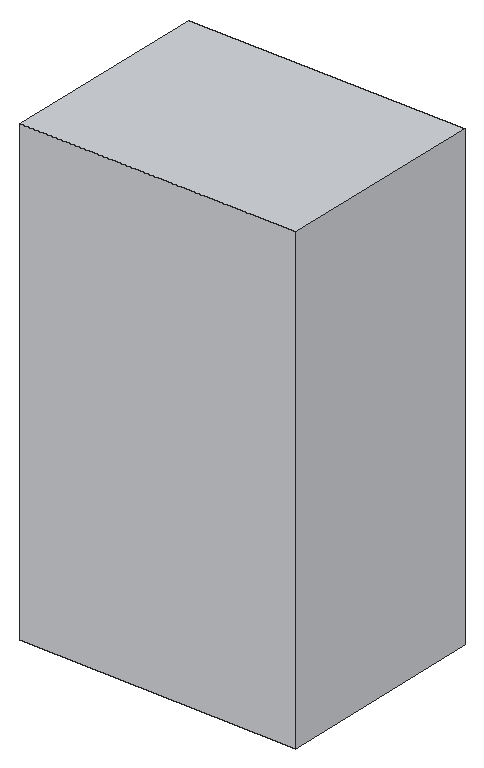
Revit family
Parameters
  Warranty Duration (Years) = 0
  Unit Length [instance] = 1' - 6"
  URL = "http://www.americanspecialties.com/viewCategories.cfm"
  Body Material = Metal - Stainless Steel
  Trim Material = Metal - Stainless Steel
  Test Data = ""
  Specification = "http://www.arcat.com/sdspecs/htm/10810asi.htm"
  SpecWizard = ""
  Send Message = "http://www.arcat.com/users.pl?action=UserEmail&company=American%20Specialties,%20Inc.&coid=30448&rep=139&fax=914-476-0688&mf="
  Sales Information = "http://www.americanspecialties.com/contact"
  Revision = "R1_10-2010"
  Product Properties = "http://www.americanspecialties.com/datasheets/0760-Z.pdf"
  Product Data = "http://www.arcat.com/arcatcos/cos30/arc30448.html"
  Model = "As Specified in 10 28 13"
  Manufacturer Website = "http://www.americanspecialties.com/viewCategories.cfm"
  Manufacturer Phone - Toll Free = ""
  Manufacturer Phone = "914-476-9000 "
  Manufacturer Fax = "914-476-0688"
  Manufacturer Address = "441 Saw Mill River Rd., Yonkers, NY 10701"
  Manufacturer = "American Specialties, Inc."
  Maintenance Schedule (Months) = 0
  Keynote = "10 28 13"
  Installation-Fabrication = "http://www.americanspecialties.com/products.cfm"
  Green Building-LEED = ""
  Expected Lifespan (Years) = 0
  Drawn By = "Robert S. Weygant. CSI, CDT, SCIP"  # constant formula
  Description = "Toilet Accessory as Specified in 10 28 13"
  Default Elevation = 4' - 0"
  Copyright = "©Arcat Inc."
  Construction Details = "http://www.arcat.com/green/clients/leed_data_30448.html"
  Building Codes = "http://www.americanspecialties.com/products.cfm"
  Assembly Code = "C1030210"
Reference planes (in)
  plane 1 "Center (Front/Back)": y = -0.29112
  plane 2 "Floor Line": z = 0
  plane 3 "Center (Left/Right)": x = -0.65843
  plane 4: z = 0.4375
  plane 5: z = 1.1875
  plane 6: y = 0.42763
  plane 7: y = -1.00987
  plane 8: z = 2.75
  plane 9: x = -9.65843
  plane 10: x = 8.34157
  plane 11: z = 1.98574
  plane 12: x = -10.68968
  plane 13: x = -8.62718
  plane 14: x = 7.31032
  plane 15: x = 9.37282
Forms (in)
  Extrusion 1, solid
    sketch origin (-3, -9, -6) x (0, 0, -1) y (1, 0, 0)
      loop
        line (-82, 26) -> (-82, -19.34712) -> (-6, -19.34712) -> (-6, 26) -> (-82, 26)
    from 9 to -25.60721
  Extrusion 2, solid, material "Metal - Stainless Steel" <- "Body Material"
    sketch origin (3.9448, 1.98146, 0) x (1, 0, 0) y (0, 1, 0)
      loop
        line (-12.57198, -1.55383) -> (-14.63448, -1.55383) -> (-14.63448, -2.99133) -> (-12.57198, -2.99133) -> (-12.57198, -1.55383)
    from 0 to 0.4375
  Extrusion 3, solid, material "Metal - Stainless Steel" <- "Body Material"
    sketch origin (-0.0625, 0, 0) x (1, 0, 0) y (0, 1, 0)
      loop
        line (-9.72093, 0.20888) -> (-9.72093, -0.79112) -> (-9.47093, -0.79112) -> (-9.47093, 0.20888) -> (-9.72093, 0.20888)
    from 1.1875 to 1.98574
  Extrusion 4, solid, material "Metal - Stainless Steel" <- "Body Material"
    sketch origin (-0.0625, -0.29112, 0) x (1, 0, 0) y (0, 0, 1)
      loop
        line (-8.56468, 0.4375) -> (-9.47093, 1.1875) -> (-9.72093, 1.1875) -> (-10.62718, 0.4375) -> (-8.56468, 0.4375)
    from -0.71875 to 0.71875
  Extrusion 5, solid, material "Metal - Stainless Steel" <- "Body Material"
    sketch origin (-5.26166, 1.98146, 0) x (-1, 0, 0) y (0, -1, 0)
      loop
        line (-12.57198, 1.55383) -> (-12.57198, 2.99133) -> (-14.63448, 2.99133) -> (-14.63448, 1.55383) -> (-12.57198, 1.55383)
    from 0 to 0.4375
  Extrusion 6, solid, material "Metal - Stainless Steel" <- "Body Material"
    sketch origin (-1.25437, 0, 0) x (-1, 0, 0) y (0, -1, 0)
      loop
        line (-9.72093, -0.20888) -> (-9.47093, -0.20888) -> (-9.47093, 0.79112) -> (-9.72093, 0.79112) -> (-9.72093, -0.20888)
    from 1.1875 to 1.98574
  Extrusion 7, solid, material "Metal - Stainless Steel" <- "Body Material"
    sketch origin (-1.25437, -0.29112, 0) x (-1, 0, 0) y (0, 0, -1)
      loop
        line (-8.56468, -0.4375) -> (-10.62718, -0.4375) -> (-9.72093, -1.1875) -> (-9.47093, -1.1875) -> (-8.56468, -0.4375)
    from -0.71875 to 0.71875
  Extrusion 8, solid, material "Metal - Stainless Steel" <- "Body Material"
    sketch origin (0, -0.29112, 0) x (1, 0, 0) y (0, 0, 1)
      loop
        line (-9.78343, 1.98574) -> (-9.53343, 1.98574) -> (-9.53343, 2.33562) -> (-9.48507, 2.33562) -> (-9.48507, 3.34841) -> (-9.78343, 3.34841) -> (-9.78343, 1.98574)
    from -0.5 to 0.5
  Extrusion 9, solid, material "Metal - Stainless Steel" <- "Body Material"
    sketch origin (-1.31687, -0.29112, 0) x (-1, 0, 0) y (0, 0, -1)
      loop
        line (-9.78343, -1.98574) -> (-9.78343, -3.34841) -> (-9.48507, -3.34841) -> (-9.48507, -2.33562) -> (-9.53343, -2.33562) -> (-9.53343, -1.98574) -> (-9.78343, -1.98574)
    from -0.5 to 0.5
  Extrusion 10, solid, material "Metal - Stainless Steel" <- "Body Material"
    sketch origin (-0.65843, 0, 0) x (0, 1, 0) y (0, 0, 1)
      loop
        line (0.14638, 3.28591) -> (-0.72862, 3.28591) -> (-0.72862, 2.39812) -> (0.14638, 2.39812) -> (0.14638, 3.28591)
    from -9 to 9
  Extrusion 11, void
    sketch origin (-0.65843, 0, 0) x (0, 1, 0) y (0, 0, 1)
      loop
        line (0.42763, 0.4375) -> (0.51367, 1.26917) -> (0.20888, 1.1875)
        arc (0.20888, 1.1875) -> (0.27302, 0.7993) -> (0.42763, 0.4375) r 1.64249
    from -10.03125 to 10.03125
  Extrusion 12, void
    sketch origin (-0.65843, -0.58223, 0) x (0, -1, 0) y (0, 0, -1)
      loop
        arc (0.42763, -0.4375) -> (0.27302, -0.7993) -> (0.20888, -1.1875) r 1.64249
        line (0.20888, -1.1875) -> (0.51367, -1.26917) -> (0.42763, -0.4375)
    from -10.03125 to 10.03125
Cuts and joins
  Extrusion 11, Extrusion 12 cuts Extrusion 5
  Extrusion 11, Extrusion 12 cuts Extrusion 6
  Extrusion 11, Extrusion 12 cuts Extrusion 7
  Extrusion 11, Extrusion 12 cuts Extrusion 9
  joined: Extrusion 5, Extrusion 6, Extrusion 7, Extrusion 9
  Extrusion 11, Extrusion 12 cuts Extrusion 4
  joined: Extrusion 2, Extrusion 3, Extrusion 4
Dimensions and locks (in)
  equal spacing: plane 9, plane 3 "Center (Left/Right)", plane 10
  "Unit Length": plane 9 to plane 10
  locked: plane 12 to plane 9 at 1.03125
  locked: plane 9 to plane 13 at 1.03125
  locked: plane 14 to plane 10 at 1.03125
  locked: plane 10 to plane 15 at 1.03125
  aligned and locked: plane 4 to Extrusion 2
  aligned and locked: Extrusion 3 to plane 5
  aligned and locked: Extrusion 2 to Extrusion 4
  aligned and locked: Extrusion 4 to Extrusion 2
  aligned and locked: Extrusion 2 to plane 6
  aligned and locked: plane 7 to Extrusion 2
  aligned and locked: Extrusion 5 to Extrusion 7
  aligned and locked: Extrusion 7 to Extrusion 5
  aligned and locked: cut or joined group of Extrusion 5, Extrusion 6, Extrusion 7, Extrusion 9, Extrusion 11, Extrusion 12 to plane 11
  aligned and locked: Extrusion 3 to plane 11
  aligned and locked: Extrusion 8 sketch curve to Extrusion 3
  aligned and locked: Extrusion 8 to Extrusion 3  (x2)
  aligned and locked: cut or joined group of Extrusion 2, Extrusion 3, Extrusion 4, Extrusion 11, Extrusion 12 to cut or joined group of Extrusion 2, Extrusion 3, Extrusion 4, Extrusion 11, Extrusion 12  (x2)
  aligned and locked: cut or joined group of Extrusion 5, Extrusion 6, Extrusion 7, Extrusion 9, Extrusion 11, Extrusion 12 to cut or joined group of Extrusion 5, Extrusion 6, Extrusion 7, Extrusion 9, Extrusion 11, Extrusion 12
  aligned and locked: Extrusion 10 to plane 9
  aligned and locked: plane 10 to Extrusion 10
  aligned and locked: Extrusion 12 to Extrusion 5
  aligned and locked: Extrusion 5 to Extrusion 11
  aligned and locked: Extrusion 11 to cut or joined group of Extrusion 2, Extrusion 3, Extrusion 4, Extrusion 11, Extrusion 12
  aligned and locked: cut or joined group of Extrusion 2, Extrusion 3, Extrusion 4, Extrusion 11, Extrusion 12 to Extrusion 12
  aligned and locked: cut or joined group of Extrusion 2, Extrusion 3, Extrusion 4, Extrusion 11, Extrusion 12 to plane 12  (x2)
  aligned and locked: cut or joined group of Extrusion 2, Extrusion 3, Extrusion 4, Extrusion 11, Extrusion 12 to plane 13
  aligned and locked: cut or joined group of Extrusion 5, Extrusion 6, Extrusion 7, Extrusion 9, Extrusion 11, Extrusion 12 to plane 14
  aligned and locked: cut or joined group of Extrusion 5, Extrusion 6, Extrusion 7, Extrusion 9, Extrusion 11, Extrusion 12 to plane 15
Automatic sketch dimensions
  Extrusion 1 sketch curve to Extrusion 1 sketch curve = 6' - 4"
  Extrusion 1 sketch curve to Extrusion 1 sketch curve = 3' - 9.34712"
  Extrusion 2 sketch curve to plane 6 = 0' - 0"
  Extrusion 2 sketch curve to plane 7 = 0' - 0"
  Extrusion 2 sketch curve to plane 9 = 0' - 1 1/32"
  plane 9 to Extrusion 2 sketch curve = 0' - 1 1/32"
  Extrusion 3 sketch curve to plane 9 = 0' - 0 1/8"
  plane 9 to Extrusion 3 sketch curve = 0' - 0 1/8"
  Extrusion 3 sketch curve to plane 7 = 0' - 0 7/32"
  plane 6 to Extrusion 3 sketch curve = 0' - 0 7/32"
  Extrusion 4 sketch curve to plane 4 = 0' - 0"
  Extrusion 4 sketch curve to plane 5 = 0' - 0"
  Extrusion 4 sketch curve to plane 9 = 0' - 1 1/32"
  Extrusion 4 sketch curve to plane 9 = 0' - 0 1/8"
  plane 9 to Extrusion 4 sketch curve = 0' - 0 1/8"
  plane 9 to Extrusion 4 sketch curve = 0' - 1 1/32"
  Extrusion 5 sketch curve to plane 6 = 0' - 0"
  Extrusion 5 sketch curve to plane 7 = 0' - 0"
  Extrusion 5 sketch curve to plane 10 = 0' - 1 1/32"
  plane 10 to Extrusion 5 sketch curve = 0' - 1 1/32"
  Extrusion 6 sketch curve to plane 10 = 0' - 0 1/8"
  plane 10 to Extrusion 6 sketch curve = 0' - 0 1/8"
  plane 7 to Extrusion 6 sketch curve = 0' - 0 7/32"
  Extrusion 6 sketch curve to plane 6 = 0' - 0 7/32"
  Extrusion 7 sketch curve to plane 4 = 0' - 0"
  Extrusion 7 sketch curve to plane 5 = 0' - 0"
  Extrusion 7 sketch curve to plane 10 = 0' - 1 1/32"
  Extrusion 7 sketch curve to plane 10 = 0' - 0 1/8"
  plane 10 to Extrusion 7 sketch curve = 0' - 0 1/8"
  plane 10 to Extrusion 7 sketch curve = 0' - 1 1/32"
  Extrusion 8 sketch curve to plane 9 = 0' - 0 1/8"
  plane 9 to Extrusion 8 sketch curve = 0' - 0 1/8"
  plane 9 to Extrusion 8 sketch curve = 0' - 0.17337"
  Extrusion 8 sketch curve to plane 11 = 0' - 0.34988"
  plane 8 to Extrusion 8 sketch curve = 0' - 0.59841"
  Extrusion 9 sketch curve to plane 11 = 0' - 0"
  Extrusion 9 sketch curve to plane 10 = 0' - 0 1/8"
  plane 10 to Extrusion 9 sketch curve = 0' - 0 1/8"
  plane 10 to Extrusion 9 sketch curve = 0' - 0.17337"
  plane 11 to Extrusion 9 sketch curve = 0' - 0.34988"
  Extrusion 9 sketch curve to plane 8 = 0' - 0.59841"
  Extrusion 10 sketch curve to plane 7 = 0' - 0 9/32"
  plane 6 to Extrusion 10 sketch curve = 0' - 0 9/32"
  Extrusion 10 sketch curve to plane 8 = 0' - 0.35188"
  plane 8 to Extrusion 10 sketch curve = 0' - 0.53591"
  Extrusion 11 sketch curve to plane 5 = 0' - 0"
  Extrusion 11 sketch curve to plane 4 = 0' - 0"
  Extrusion 11 sketch curve to plane 6 = 0' - 0"
  Extrusion 11 sketch curve to plane 1 "Center (Front/Back)" = 0' - 0 1/2"
  Extrusion 11 sketch curve to plane 6 = 0' - 0.08603"
  plane 5 to Extrusion 11 sketch curve = 0' - 0.0717"
  plane 5 to Extrusion 11 sketch curve = 0' - 0.08167"
  Extrusion 12 sketch curve to plane 5 = 0' - 0"
  Extrusion 12 sketch curve to plane 4 = 0' - 0"
  Extrusion 12 sketch curve to plane 7 = 0' - 0"
  Extrusion 12 sketch curve to plane 1 "Center (Front/Back)" = 0' - 0 1/2"
  Extrusion 12 sketch curve to plane 7 = 0' - 0.08603"
  Extrusion 12 sketch curve to plane 5 = 0' - 0.0717"
  Extrusion 12 sketch curve to plane 5 = 0' - 0.08167"
